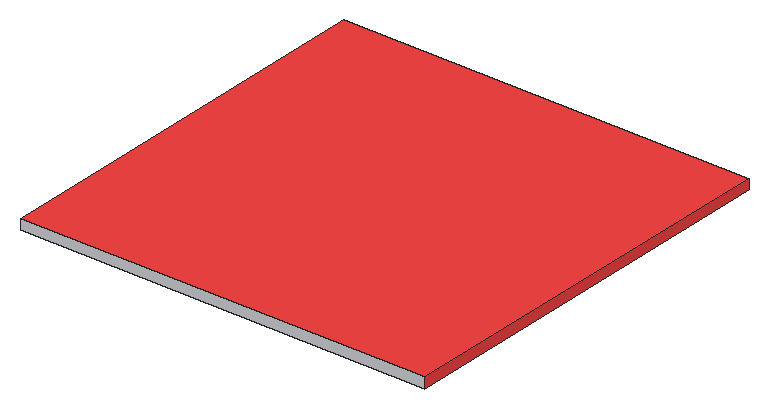
Revit family "PRESTO XT-P PN(C)", category Aparatos sanitarios, Revit 2015
Parameters (values of type "26020")
  URL = "http://www.prestoiberica.com/lavabo/temporizada-xt/presto-xt-p?c=es"
  Teléfono = "(+34) 915 782 575"
  TIPO DE AGUA = "Caliente"
  REFERENCIA = "26020"
  Presión Máxima = "5 bar"
  PESO BRUTO = "0.596 Kg"
  Modelo = "PRESTO XT P"
  Material = LATON CROMADO
  Imagen de tipo = <Ninguno>
  Fabricante = "PRESTO IBÉRICA"
  Default Elevation = 1219.2 mm
  ENTRADA = "Macho 1/2\""
  Descripción = "Grifo temporizado de un agua para instalación mural con cuerpo de latón cromado."
  Código de montaje = "C1030220"
  Contacto = "info@prestoiberica.com"
  Conexión AF = yes
  Conexión AC = yes
  Comentarios de tipo = "Cuerpo y pulsador en latón cromado, piezas interiores en materiales resistentes a la corrosión y a las incrustaciones calcáreas"
  CIERRE = "Automático en 15 seg."
  CAUDAL = "6 L/Min"
  Accionamiento = "Por pulsador"
Reference planes
  plane 1 "Centro (Frontal/Posterior)": y = 0
  plane 2: z = 0
  plane 3 "Centro (Izquierda/Derecha)": x = 0
Forms (mm)
  Extrusion 1, solid
    sketch origin (0, 0, 0) x (1, 0, 0) y (0, 1, 0)
      loop
        line (-100, 100) -> (-100, -100) -> (100, -100) -> (100, 100) -> (-100, 100)
    from 0 to -5
Lines and regions (mm)
  Masking region 1
    outline origin (0, 0, 0) x (1, 0, 0) y (0, 0, 1)
      loop
        line (-19, 2.962) -> (-29.958, 0.898) -> (-29.958, 0) -> (29.958, 0) -> (29.958, 0.898) -> (19, 2.962) -> (19, 103.962) -> (12.5, 103.962) -> (12.5, 114.762) -> (17.964, 114.762) -> (17.964, 131.462) -> (-18.044, 131.462) -> (-18.044, 114.762) -> (-12.5, 114.762) -> (-12.5, 103.962) -> (-19, 103.962) -> (-19, 2.962)
  symbolic lines
    curve 1: line (12.5, 0, 114.762) -> (-12.5, 0, 114.762)
    curve 2: line (-12.5, 0, 103.962) -> (12.5, 0, 103.962)
    curve 3: line (19, 0, 2.962) -> (-19, 0, 2.962)
    curve 4: line (29.958, 0, 0.898) -> (-29.958, 0, 0.898)
Dimensions and locks
  Extrusion 1 sketch curve to plane 1 "Centro (Frontal/Posterior)" = 100 mm
  aligned and locked: plane 2 to Extrusion 1
  aligned and locked: level to Extrusion 1
Connectors
  piping at (0, 0, -10.538), diameter 12.7
    settings: on import instance, index 1, connector inside diameter 609.6 mm, connector length 0 mm, flow factor 0, pipe flow 0.0 L/s, pressure drop 0.0 Pa, fitting loss kfactor 0, connector angle 0.00°, fixture units 0, engagement length 0 mm, angle of deflection 0.00°, flow configuration 0, flow direction 1, fitting loss method 0, system type 19, joint type 0, gender type 0, connector reference index -1, connector utility 0, adjustable connector no, is connector primary yes, connector description ""
